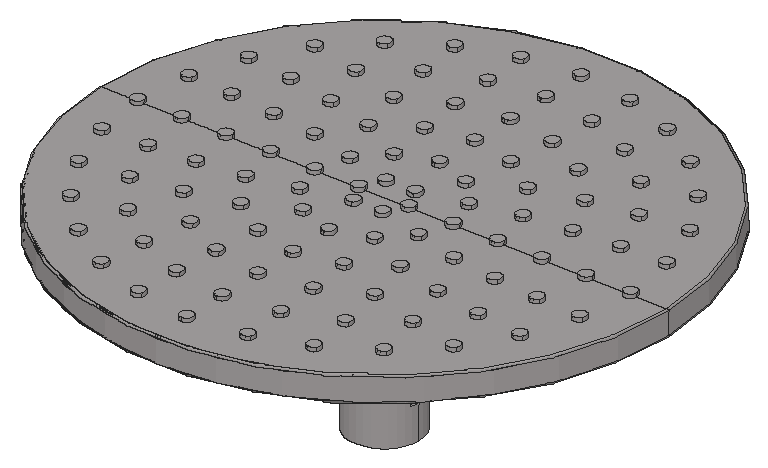
Revit family "Reece_Shower_Milli_Mood Edit_Shower Head_180 mm", category Plumbing Fixtures, host Face, Revit 2018
Family settings
  Host = Face
  Round Connector Dimension = Use Diameter
  Part Type = Normal
  Cut with Voids When Loaded = No
  Shared = Yes
  Room Calculation Point = Yes
Parameters (values of type "PVD Brushed Gunmetal")
  WFU = 0  # constant formula
  URL = "https://www.reece.com.au/product/-9511771"
  Reece_Shower_Inlet = 12 mm  # constant formula
  Reece_Product_Web Page = "https://www.reece.com.au/product/-9511771"
  Reece_Product_Sub Brand = "Mood Edit"  # constant formula
  Reece_Product_Number = "9511771"
  Reece_Product_Mount = "Ceiling Mounted"
  Reece_Product_Description = "Milli Mood Edit Shower Head 180mm PVD Brushed Gunmetal (3 Star)"
  Reece_Product_Brand = "Milli"  # constant formula
  Reece_Overall_Height = 65 mm  # constant formula
  Reece_Overall_Diameter = 180 mm  # constant formula
  Reece_Material_Main = Reece_PVD_Brushed Gunmetal
  Reece_Detail_Disclaimer = "THIS FILE IS THE PROPERTY OF THE REECE GROUP. IT MAY NOT BE REPRODUCED, REVERSE-ENGINEERED OR MODIFIED. ANY REPUBLICATION, TRANSMISSION OR DISTRIBUTION FOR THE PURPOSE OF COMMERCIALLY EXPLOITING THE FILES IS PROHIBITED."  # constant formula
  Reece_Detail_Additional = "Shower Head"  # constant formula
  Model = "Mood Edit"
  Manufacturer = "Milli"
  Keynote = "Product #9511771, Reece_Shower_Milli_Mood Edit_Shower Head_180 mm - PVD Brushed Gunmetal"
  HWFU = 0  # constant formula
  Disclaimer = "THIS FILE IS THE PROPERTY OF THE REECE GROUP. IT MAY NOT BE REPRODUCED, REVERSE-ENGINEERED OR MODIFIED. ANY REPUBLICATION, TRANSMISSION OR DISTRIBUTION FOR THE PURPOSE OF COMMERCIALLY EXPLOITING THE FILES IS PROHIBITED."  # constant formula
  Description = "Milli Mood Edit Shower Head 180mm PVD Brushed Gunmetal (3 Star)"
  Default Elevation = 0 mm
  CWFU = 0  # constant formula
Types (3, lengths in mm): name | URL | Reece_Product_Web Page | Reece_Product_Number | Reece_Product_Description | Reece_Material_Main | Keynote | Description
  PVD Brushed Gunmetal | "https://www.reece.com.au/product/-9511771" | "https://www.reece.com.au/product/-9511771" | "9511771" | "Milli Mood Edit Shower Head 180mm PVD Brushed Gunmetal (3 Star)" | Reece_PVD_Brushed Gunmetal | "Product #9511771, Reece_Shower_Milli_Mood Edit_Shower Head_180 mm - PVD Brushed Gunmetal" | "Milli Mood Edit Shower Head 180mm PVD Brushed Gunmetal (3 Star)"
  PVD Brushed Nickel | "https://www.reece.com.au/product/-9511586" | "https://www.reece.com.au/product/-9511586" | "9511586" | "Milli Mood Edit Shower Head 180mm PVD Brushed Nickel (3 Star)" | Reece_PVD_Brushed Nickel | "Product #9511586, Reece_Shower_Milli_Mood Edit_Shower Head_180 mm - PVD Brushed Nickel" | "Milli Mood Edit Shower Head 180mm PVD Brushed Nickel (3 Star)"
  PVD Matte Black | "https://www.reece.com.au/product/-9511401" | "https://www.reece.com.au/product/-9511401" | "9511401" | "Milli Mood Edit Shower Head 180mm PVD Matte Black (3 Star)" | Reece_PVD_Matte Black | "Product #9511401, Reece_Shower_Milli_Mood Edit_Shower Head_180 mm - PVD Matte Black" | "Milli Mood Edit Shower Head 180mm PVD Matte Black (3 Star)"
Reference planes
  plane 1 "Center (Front/Back)": y = 0
  plane 2: z = 0
  plane 3 "Center (Left/Right)": x = 0
  plane 4: z = 65
  plane 5: y = 90
  plane 6: y = -90
  plane 7: x = 90
  plane 8: x = -90
Forms (mm)
  Revolve 1, solid, material "Reece_PVD_Brushed Gunmetal" <- "Reece_Material_Main"
    sketch origin (0, 0, -187) x (1, 0, 0) y (0, 0, 1)
      loop
        line (0, 252) -> (0, 187) -> (11, 187) -> (11, 202) -> (8.887, 202)
        arc (8.887, 202) -> (8.076, 202.415) -> (7.939, 203.316) r 1
        line (7.939, 203.316) -> (8.939, 206.316)
        arc (8.939, 206.316) -> (9.303, 206.811) -> (9.887, 207) r 1
        line (9.887, 207) -> (14.5, 207)
        arc (14.5, 207) -> (14.854, 207.146) -> (15, 207.5) r 0.5
        line (15, 207.5) -> (15, 225.1)
        arc (15, 225.1) -> (14.854, 225.454) -> (14.5, 225.6) r 0.5
        line (14.5, 225.6) -> (13, 225.6) -> (13, 226.6) -> (16, 226.6) -> (16, 240.105)
        arc (16, 240.105) -> (16.202, 240.707) -> (16.726, 241.066) r 1
        line (16.726, 241.066) -> (24.324, 243.233)
        arc (24.324, 243.233) -> (27.04, 243.807) -> (29.809, 244) r 20
        line (29.809, 244) -> (89.5, 244)
        arc (89.5, 244) -> (89.854, 244.146) -> (90, 244.5) r 0.5
        line (90, 244.5) -> (90, 251.5)
        arc (90, 251.5) -> (89.854, 251.854) -> (89.5, 252) r 0.5
        line (89.5, 252) -> (0, 252)
      axis (0, 252) -> (0, 187)
    angle from 0 to 360
  Extrusion 2, solid, material "Reece_PVD_Brushed Gunmetal" <- "Reece_Material_Main", detail levels fine
    sketch origin (-2.732, 0.108, 11) x (-1, 0, 0) y (0, -1, 0)
      loop
        circle (5.197, 0.217) r 2
      loop
        circle (19.197, 0.217) r 2
      loop
        circle (33.197, 0.217) r 2
      loop
        circle (47.197, 0.217) r 2
      loop
        circle (61.197, 0.217) r 2
      loop
        circle (75.197, 0.217) r 2
    from 54 to 55
  Extrusion 3, solid, material "Reece_PVD_Brushed Gunmetal" <- "Reece_Material_Main", detail levels fine
    sketch origin (2, -2, 11) x (0.5, -0.866025, 0) y (0.866025, 0.5, 0)
      loop
        circle (-6.062, 6.5) r 2
    from 54 to 55
  Extrusion 4, solid, material "Reece_PVD_Brushed Gunmetal" <- "Reece_Material_Main", detail levels fine
    sketch origin (-2, -2, 11) x (-0.5, -0.866025, 0) y (0.866025, -0.5, 0)
      loop
        circle (-6.062, -6.5) r 2
    from 54 to 55
  Extrusion 5, solid, material "Reece_PVD_Brushed Gunmetal" <- "Reece_Material_Main", detail levels fine
    sketch origin (2, 2, 11) x (0.5, 0.866025, 0) y (-0.866025, 0.5, 0)
      loop
        circle (-6.062, -6.5) r 2
    from 54 to 55
  Extrusion 6, solid, material "Reece_PVD_Brushed Gunmetal" <- "Reece_Material_Main", detail levels fine
    sketch origin (-2, 2, 11) x (-0.5, 0.866025, 0) y (-0.866025, -0.5, 0)
      loop
        circle (-6.062, 6.5) r 2
    from 54 to 55
  Extrusion 7, solid, material "Reece_PVD_Brushed Gunmetal" <- "Reece_Material_Main", detail levels fine
    sketch origin (2.732, -0.108, 11) x (1, 0, 0) y (0, 1, 0)
      loop
        circle (5.197, 0) r 2
      loop
        circle (19.197, 0) r 2
      loop
        circle (33.197, 0) r 2
      loop
        circle (47.197, 0) r 2
      loop
        circle (61.197, 0) r 2
      loop
        circle (75.197, 0) r 2
    from 54 to 55
  Extrusion 8, solid, material "Reece_PVD_Brushed Gunmetal" <- "Reece_Material_Main", detail levels fine
    sketch origin (0.108, 2.732, 11) x (0, 1, 0) y (-1, 0, 0)
      loop
        circle (19.197, 0.217) r 2
      loop
        circle (33.197, 0.217) r 2
      loop
        circle (47.197, 0.217) r 2
      loop
        circle (61.197, 0.217) r 2
      loop
        circle (75.197, 0.217) r 2
    from 54 to 55
  Extrusion 9, solid, material "Reece_PVD_Brushed Gunmetal" <- "Reece_Material_Main", detail levels fine
    sketch origin (-2.068, 0.55, 11) x (-0.866025, 0.5, 0) y (-0.5, -0.866025, 0)
      loop
        circle (19.197, 0.217) r 2
      loop
        circle (16.735, -10.518) r 2
      loop
        circle (33.302, 4.099) r 2
      loop
        circle (32.391, -9.79) r 2
      loop
        circle (26.235, -22.274) r 2
      loop
        circle (46.521, 9.77) r 2
      loop
        circle (47.335, -5.75) r 2
      loop
        circle (43.312, -20.761) r 2
      loop
        circle (34.848, -33.795) r 2
      loop
        circle (59.437, 15.922) r 2
      loop
        circle (61.607, -0.557) r 2
      loop
        circle (59.437, -17.037) r 2
      loop
        circle (53.076, -32.394) r 2
      loop
        circle (42.957, -45.581) r 2
      loop
        circle (71.988, 22.295) r 2
      loop
        circle (75.216, 5.253) r 2
      loop
        circle (74.572, -12.079) r 2
      loop
        circle (70.083, -28.833) r 2
      loop
        circle (61.994, -44.175) r 2
      loop
        circle (50.69, -57.329) r 2
      loop
        circle (-13.368, -18.585) r 2
      loop
        circle (-2.84, -21.82) r 2
      loop
        circle (-23.783, -28.859) r 2
      loop
        circle (-11.299, -35.015) r 2
      loop
        circle (2.59, -35.925) r 2
      loop
        circle (-35.304, -37.472) r 2
      loop
        circle (-22.27, -45.936) r 2
      loop
        circle (-7.259, -49.958) r 2
      loop
        circle (8.261, -49.145) r 2
      loop
        circle (-47.09, -45.581) r 2
      loop
        circle (-33.903, -55.7) r 2
      loop
        circle (-18.546, -62.061) r 2
      loop
        circle (-2.066, -64.23) r 2
      loop
        circle (14.413, -62.061) r 2
      loop
        circle (-58.884, -53.264) r 2
      loop
        circle (-45.74, -64.58) r 2
      loop
        circle (-30.407, -72.689) r 2
      loop
        circle (-13.654, -77.178) r 2
      loop
        circle (3.677, -77.844) r 2
      loop
        circle (20.722, -74.631) r 2
      loop
        circle (9.236, 17.47) r 2
      loop
        circle (-1.292, 20.706) r 2
      loop
        circle (19.65, 27.744) r 2
      loop
        circle (7.167, 33.9) r 2
      loop
        circle (-6.723, 34.811) r 2
      loop
        circle (31.171, 36.357) r 2
      loop
        circle (18.138, 44.821) r 2
      loop
        circle (3.126, 48.844) r 2
      loop
        circle (-12.394, 48.03) r 2
      loop
        circle (42.957, 44.466) r 2
      loop
        circle (29.77, 54.585) r 2
      loop
        circle (14.413, 60.946) r 2
      loop
        circle (-2.066, 63.116) r 2
      loop
        circle (-18.546, 60.946) r 2
      loop
        circle (54.752, 52.149) r 2
      loop
        circle (41.607, 63.465) r 2
      loop
        circle (26.275, 71.575) r 2
      loop
        circle (9.522, 76.064) r 2
      loop
        circle (-7.81, 76.73) r 2
      loop
        circle (-24.854, 73.517) r 2
      loop
        circle (-23.329, -1.331) r 2
      loop
        circle (-20.868, 9.404) r 2
      loop
        circle (-37.434, -5.214) r 2
      loop
        circle (-36.524, 8.675) r 2
      loop
        circle (-30.368, 21.159) r 2
      loop
        circle (-50.654, -10.885) r 2
      loop
        circle (-51.467, 4.635) r 2
      loop
        circle (-47.445, 19.646) r 2
      loop
        circle (-38.981, 32.68) r 2
      loop
        circle (-63.57, -17.037) r 2
      loop
        circle (-65.739, -0.557) r 2
      loop
        circle (-63.57, 15.922) r 2
      loop
        circle (-57.209, 31.279) r 2
      loop
        circle (-47.09, 44.466) r 2
      loop
        circle (-76.12, -23.41) r 2
      loop
        circle (-79.348, -6.368) r 2
      loop
        circle (-78.705, 10.965) r 2
      loop
        circle (-74.216, 27.718) r 2
      loop
        circle (-66.127, 43.06) r 2
      loop
        circle (-54.822, 56.215) r 2
    from 54 to 55
  Extrusion 10, solid, material "Reece_PVD_Brushed Gunmetal" <- "Reece_Material_Main", detail levels fine
    sketch origin (0.108, 2.732, 11) x (0, 1, 0) y (-1, 0, 0)
      loop
        circle (-24.661, 0.217) r 2
      loop
        circle (-38.661, 0.217) r 2
      loop
        circle (-52.661, 0.217) r 2
      loop
        circle (-66.661, 0.217) r 2
      loop
        circle (-80.661, 0.217) r 2
    from 54 to 55
  Extrusion 11, void
    sketch origin (0, 0, 7.6) x (1, 0, 0) y (0, 1, 0)
      loop
        line (9.926, 3.005) -> (9.926, -3.005) -> (11.926, -3.005) -> (11.926, 3.005) -> (9.926, 3.005)
      loop
        line (-9.926, 3.005) -> (-11.926, 3.005) -> (-11.926, -3.005) -> (-9.926, -3.005) -> (-9.926, 3.005)
    from 3 to 7.4
Cuts and joins
  joined: Extrusion 2, Extrusion 3, Extrusion 4, Extrusion 5, Extrusion 6, Extrusion 7, Extrusion 8, Extrusion 10
  Extrusion 11 cuts Revolve 1
Text (mm)
  text "Reece Copyright © 2018, Reece Ltd." at (-684.407, -223.434, 0), in view "Ref. Level"
  text "Reece ©" at (-377.596, 596.188, -195.447), in view "Reece_Preview"
Dimensions and locks
  equal spacing: plane 5, plane 1 "Center (Front/Back)", plane 6
  equal spacing: plane 8, plane 3 "Center (Left/Right)", plane 7
  "Reece_Overall_Diameter": plane 8 to plane 7
  "Reece_Overall_Diameter": plane 5 to plane 6  (x2)
  "Reece_Overall_Height": plane 4 to plane 2
  "Reece_Overall_Diameter": plane 7 to plane 8
  aligned and locked: plane 2 to host face
  aligned and locked: level to host face
  aligned and locked: Revolve 1 sketch curve to plane 7
  aligned and locked: Revolve 1 sketch curve to plane 4
Automatic sketch dimensions
  Extrusion 2 sketch curve to Extrusion 2 sketch curve = 14 mm  (x5)
  Extrusion 2 sketch curve to Extrusion 2 sketch curve = 0 mm  (x5)
  Extrusion 7 sketch curve to Extrusion 7 sketch curve = 14 mm  (x5)
  Extrusion 7 sketch curve to Extrusion 7 sketch curve = 0 mm  (x5)
  Extrusion 8 sketch curve to Extrusion 8 sketch curve = 14 mm  (x4)
  Extrusion 8 sketch curve to Extrusion 8 sketch curve = 0 mm  (x4)
  Extrusion 10 sketch curve to Extrusion 10 sketch curve = 14 mm  (x4)
  Extrusion 10 sketch curve to Extrusion 10 sketch curve = 0 mm  (x4)
  host sketch curve to host sketch curve = 407.898 mm
  host sketch curve to host sketch curve = 410.737 mm
  plane 3 "Center (Left/Right)" to Extrusion 3 sketch curve = 4.598 mm
  Extrusion 3 sketch curve to plane 1 "Center (Front/Back)" = 6.5 mm
  Extrusion 6 sketch curve to plane 3 "Center (Left/Right)" = 4.598 mm
  plane 1 "Center (Front/Back)" to Extrusion 6 sketch curve = 6.5 mm
  Extrusion 4 sketch curve to plane 3 "Center (Left/Right)" = 4.598 mm
  Extrusion 4 sketch curve to plane 1 "Center (Front/Back)" = 6.5 mm
  plane 3 "Center (Left/Right)" to Extrusion 5 sketch curve = 4.598 mm
  plane 1 "Center (Front/Back)" to Extrusion 5 sketch curve = 6.5 mm
  plane 1 "Center (Front/Back)" to Extrusion 2 sketch curve = 0.108 mm
  Extrusion 2 sketch curve to plane 3 "Center (Left/Right)" = 7.929 mm
  Extrusion 8 sketch curve to plane 3 "Center (Left/Right)" = 0.108 mm
  Extrusion 8 sketch curve to plane 1 "Center (Front/Back)" = 21.929 mm
  Extrusion 10 sketch curve to plane 3 "Center (Left/Right)" = 0.108 mm
  plane 6 to Extrusion 10 sketch curve = 12.071 mm
  Extrusion 9 sketch curve to Extrusion 9 sketch curve = 0.643 mm
  Extrusion 9 sketch curve to Extrusion 9 sketch curve = 3.228 mm
  Extrusion 9 sketch curve to Extrusion 9 sketch curve = 4.489 mm  (x2)
  Extrusion 9 sketch curve to Extrusion 9 sketch curve = 8.089 mm
  Extrusion 9 sketch curve to Extrusion 9 sketch curve = 13.609 mm  (x2)
  Extrusion 9 sketch curve to Extrusion 9 sketch curve = 10.646 mm  (x2)
  Extrusion 9 sketch curve to Extrusion 9 sketch curve = 12.551 mm  (x2)
  Extrusion 9 sketch curve to Extrusion 9 sketch curve = 17.236 mm
  Extrusion 9 sketch curve to Extrusion 9 sketch curve = 8.918 mm  (x2)
  Extrusion 9 sketch curve to Extrusion 9 sketch curve = 11.305 mm
  Extrusion 9 sketch curve to Extrusion 9 sketch curve = 14.272 mm  (x4)
  Extrusion 9 sketch curve to Extrusion 9 sketch curve = 12.916 mm  (x4)
  Extrusion 9 sketch curve to Extrusion 9 sketch curve = 9.764 mm  (x4)
  Extrusion 9 sketch curve to Extrusion 9 sketch curve = 7.732 mm  (x2)
  Extrusion 9 sketch curve to Extrusion 9 sketch curve = 11.794 mm  (x2)
  Extrusion 9 sketch curve to Extrusion 9 sketch curve = 13.145 mm
  Extrusion 9 sketch curve to Extrusion 9 sketch curve = 8.109 mm  (x4)
  Extrusion 9 sketch curve to Extrusion 9 sketch curve = 13.22 mm  (x4)
  Extrusion 9 sketch curve to Extrusion 9 sketch curve = 0.91 mm  (x4)
  Extrusion 9 sketch curve to Extrusion 9 sketch curve = 11.786 mm  (x4)
  Extrusion 9 sketch curve to Extrusion 9 sketch curve = 11.837 mm  (x2)
  Extrusion 9 sketch curve to Extrusion 9 sketch curve = 15.332 mm
  Extrusion 9 sketch curve to Extrusion 9 sketch curve = 6.156 mm  (x4)
  Extrusion 9 sketch curve to Extrusion 9 sketch curve = 29.968 mm
  Extrusion 9 sketch curve to Extrusion 9 sketch curve = 11.521 mm  (x4)
  Extrusion 9 sketch curve to Extrusion 9 sketch curve = 14.105 mm  (x2)
  Extrusion 9 sketch curve to Extrusion 9 sketch curve = 11.633 mm  (x4)
  Extrusion 9 sketch curve to Extrusion 9 sketch curve = 2.462 mm  (x2)
  Extrusion 9 sketch curve to Extrusion 9 sketch curve = 11.861 mm  (x2)
  Extrusion 9 sketch curve to Extrusion 9 sketch curve = 6.308 mm  (x2)
  Extrusion 9 sketch curve to Extrusion 9 sketch curve = 4.892 mm  (x2)
  Extrusion 9 sketch curve to Extrusion 9 sketch curve = 10.415 mm
  Extrusion 9 sketch curve to Extrusion 9 sketch curve = 6.152 mm  (x4)
  Extrusion 9 sketch curve to Extrusion 9 sketch curve = 12.484 mm  (x4)
  Extrusion 9 sketch curve to Extrusion 9 sketch curve = 17.045 mm
  Extrusion 9 sketch curve to Extrusion 9 sketch curve = 4.041 mm  (x2)
  Extrusion 9 sketch curve to Extrusion 9 sketch curve = 5.671 mm  (x4)
  Extrusion 9 sketch curve to Extrusion 9 sketch curve = 10.528 mm  (x2)
  Extrusion 9 sketch curve to Extrusion 9 sketch curve = 5.743 mm  (x2)
  Extrusion 9 sketch curve to Extrusion 9 sketch curve = 5.192 mm  (x4)
  Extrusion 9 sketch curve to Extrusion 9 sketch curve = 5.43 mm
  Extrusion 9 sketch curve to Extrusion 9 sketch curve = 13.889 mm  (x4)
  Extrusion 9 sketch curve to Extrusion 9 sketch curve = 17.331 mm
  Extrusion 9 sketch curve to Extrusion 9 sketch curve = 19.575 mm
  Extrusion 9 sketch curve to Extrusion 9 sketch curve = 10.971 mm  (x2)
  Extrusion 9 sketch curve to Extrusion 9 sketch curve = 9.5 mm
  Extrusion 9 sketch curve to Extrusion 9 sketch curve = 8.613 mm  (x2)
  Extrusion 9 sketch curve to Extrusion 9 sketch curve = 10.921 mm  (x2)
  Extrusion 9 sketch curve to Extrusion 9 sketch curve = 14.943 mm  (x2)
  Extrusion 9 sketch curve to Extrusion 9 sketch curve = 12.103 mm
  Extrusion 9 sketch curve to Extrusion 9 sketch curve = 15.135 mm
  Extrusion 9 sketch curve to Extrusion 9 sketch curve = 0.666 mm
  Extrusion 9 sketch curve to Extrusion 9 sketch curve = 3.213 mm
  Extrusion 9 sketch curve to Extrusion 9 sketch curve = 8.11 mm
  Extrusion 9 sketch curve to Extrusion 9 sketch curve = 13.614 mm  (x2)
  Extrusion 9 sketch curve to Extrusion 9 sketch curve = 12.571 mm  (x2)
  Extrusion 9 sketch curve to Extrusion 9 sketch curve = 15.118 mm  (x2)
  Extrusion 9 sketch curve to Extrusion 9 sketch curve = 17.302 mm
  Extrusion 9 sketch curve to Extrusion 9 sketch curve = 8.88 mm  (x2)
  Extrusion 9 sketch curve to Extrusion 9 sketch curve = 11.316 mm
  Extrusion 9 sketch curve to Extrusion 9 sketch curve = 7.683 mm  (x2)
  Extrusion 9 sketch curve to Extrusion 9 sketch curve = 11.748 mm  (x2)
  Extrusion 9 sketch curve to Extrusion 9 sketch curve = 13.155 mm
  Extrusion 9 sketch curve to Extrusion 9 sketch curve = 11.781 mm  (x2)
  Extrusion 9 sketch curve to Extrusion 9 sketch curve = 15.342 mm
  Extrusion 9 sketch curve to Extrusion 9 sketch curve = 29.854 mm
  Extrusion 9 sketch curve to Extrusion 9 sketch curve = 3.236 mm  (x2)
  Extrusion 9 sketch curve to Extrusion 9 sketch curve = 11.795 mm  (x2)
  Extrusion 9 sketch curve to Extrusion 9 sketch curve = 6.373 mm  (x2)
  Extrusion 9 sketch curve to Extrusion 9 sketch curve = 4.958 mm  (x2)
  Extrusion 9 sketch curve to Extrusion 9 sketch curve = 11.755 mm
  Extrusion 9 sketch curve to Extrusion 9 sketch curve = 17.042 mm
  Extrusion 9 sketch curve to Extrusion 9 sketch curve = 3.882 mm
  Extrusion 9 sketch curve to Extrusion 9 sketch curve = 5.811 mm  (x2)
  Extrusion 9 sketch curve to Extrusion 9 sketch curve = 10.735 mm  (x2)
  Extrusion 9 sketch curve to Extrusion 9 sketch curve = 17.333 mm
  Extrusion 9 sketch curve to Extrusion 9 sketch curve = 17.253 mm
  Extrusion 9 sketch curve to Extrusion 9 sketch curve = 10.274 mm
  Extrusion 9 sketch curve to Extrusion 9 sketch curve = 16.125 mm
  Extrusion 9 sketch curve to Extrusion 9 sketch curve = 10.629 mm
  Extrusion 9 sketch curve to plane 7 = 20.167 mm
  plane 1 "Center (Front/Back)" to Extrusion 9 sketch curve = 33.609 mm
  plane 1 "Center (Front/Back)" to Extrusion 7 sketch curve = 0.108 mm
  plane 3 "Center (Left/Right)" to Extrusion 7 sketch curve = 7.929 mm
  Revolve 1 sketch curve to plane 3 "Center (Left/Right)" = 0 mm  (x2)
  Revolve 1 sketch curve to level = 0 mm
  plane 3 "Center (Left/Right)" to Revolve 1 sketch curve = 7.939 mm
  Revolve 1 sketch curve to Revolve 1 sketch curve = 0.949 mm  (x2)
  Revolve 1 sketch curve to Revolve 1 sketch curve = 1 mm  (x4)
  plane 3 "Center (Left/Right)" to Revolve 1 sketch curve = 11 mm
  Revolve 1 sketch curve to Revolve 1 sketch curve = 3.113 mm
  Revolve 1 sketch curve to Revolve 1 sketch curve = 1.5 mm
  Revolve 1 sketch curve to Revolve 1 sketch curve = 0 mm
  Revolve 1 sketch curve to Revolve 1 sketch curve = 0.5 mm  (x2)
  Revolve 1 sketch curve to Revolve 1 sketch curve = 3 mm  (x2)
  Revolve 1 sketch curve to plane 4 = 10.934 mm
  Revolve 1 sketch curve to Revolve 1 sketch curve = 0.726 mm
  Revolve 1 sketch curve to plane 4 = 8.767 mm
  Revolve 1 sketch curve to Revolve 1 sketch curve = 7.598 mm
  Revolve 1 sketch curve to Revolve 1 sketch curve = 5.485 mm
  Revolve 1 sketch curve to plane 7 = 0.5 mm
  Revolve 1 sketch curve to Revolve 1 sketch curve = 0.316 mm
  Revolve 1 sketch curve to Revolve 1 sketch curve = 17.6 mm
  Revolve 1 sketch curve to Revolve 1 sketch curve = 2.6 mm
  Revolve 1 sketch curve to Revolve 1 sketch curve = 796.6 mm
  Revolve 1 sketch curve to Revolve 1 sketch curve = 113.4 mm
  level to Revolve 1 sketch curve = 15 mm
  Extrusion 11 sketch curve to plane 1 "Center (Front/Back)" = 3.005 mm  (x2)
  Extrusion 11 sketch curve to plane 3 "Center (Left/Right)" = 11.926 mm
  Extrusion 11 sketch curve to Extrusion 11 sketch curve = 2 mm  (x2)
  plane 3 "Center (Left/Right)" to Extrusion 11 sketch curve = 9.926 mm
  plane 1 "Center (Front/Back)" to Extrusion 11 sketch curve = 3.005 mm  (x2)
  radius of Extrusion 2 sketch curve = 2 mm  (x6)
  radius of Extrusion 7 sketch curve = 2 mm  (x6)
  radius of Extrusion 8 sketch curve = 2 mm  (x5)
  radius of Extrusion 10 sketch curve = 2 mm  (x5)
  radius of Extrusion 3 sketch curve = 2 mm
  radius of Extrusion 4 sketch curve = 2 mm
  radius of Extrusion 5 sketch curve = 2 mm
  radius of Extrusion 6 sketch curve = 2 mm
  radius of Extrusion 9 sketch curve = 2 mm  (x80)
Connectors
  piping at (0, 0, 0), diameter 12, driven by "Reece_Shower_Inlet"
    settings: on cut or joined group of Extrusion 2, Extrusion 3, Extrusion 4, Extrusion 5, Extrusion 6, Extrusion 7, Extrusion 8, Extrusion 10, index 1, connector inside diameter 609.6 mm, connector length 0 mm, flow factor 0, pipe flow 0.0 L/s, pressure drop 0.0 Pa, fitting loss kfactor 0, connector angle 0.00°, fixture units 0, engagement length 0 mm, angle of deflection 0.00°, flow configuration 0, flow direction 1, fitting loss method 0, system type 29, joint type 0, gender type 0, connector reference index -1, connector utility 0, adjustable connector no, is connector primary yes, connector description ""
